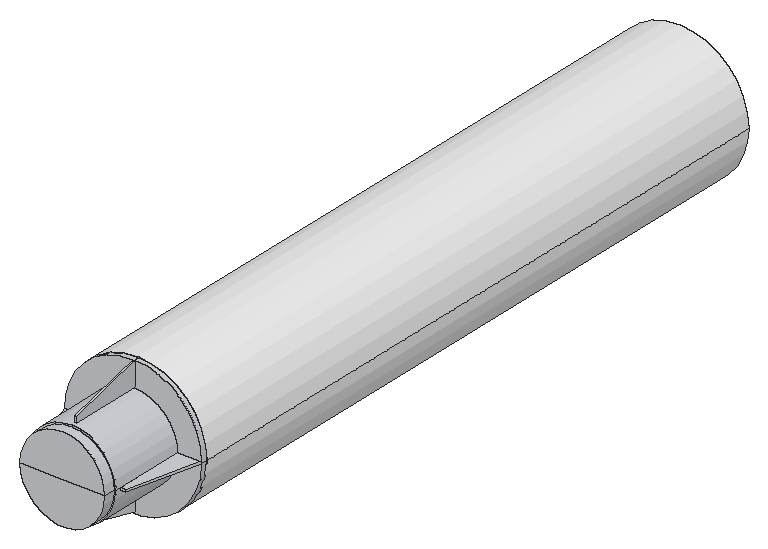
Revit family
Reference planes
  plane 1 "Center (Front/Back)": y = 0
  plane 2: z = 0
  plane 3 "Center (Left/Right)": x = 0
  plane 4: z = 42.492
  plane 5: z = -37.508
  plane 6: z = 62.369
  plane 7: z = -62.369
  plane 8: y = -615
Forms (mm)
  Sweep 1, solid, material "Casing"
    path origin (287.223, 300.161, -1562.5) x (1, 0, 0) y (0, 1, 0)
      loop
        line (-287.223, -300.161) -> (-287.223, -915.161)
    profile origin (0, -307.5, -1562.5) x (1, 0, 0) y (0, 0, 1)
      loop
        circle (0, 1562.5) r 62.5
  Revolve 2, solid
    sketch origin (-1606.011, 3915.59, 0) x (-1, 0, 0) y (0, -1, 0)
      loop
        line (-1543.511, 4530.59) -> (-1543.511, 4535.59) -> (-1566.011, 4535.59) -> (-1566.011, 4605.59) -> (-1567.511, 4605.59) -> (-1567.511, 4615.59) -> (-1606.011, 4615.59) -> (-1606.011, 4530.59) -> (-1543.511, 4530.59)
      axis (-1606.011, 4615.59) -> (-1606.011, 4530.59)
    angle from 0 to 360
  Extrusion 3, solid
    sketch origin (-1606.011, 3915.59, 1.013) x (-1, 0, 0) y (0, -1, 0)
      loop
        line (-1668.511, 4530.59) -> (-1646.011, 4530.59) -> (-1646.011, 4600.59) -> (-1651.011, 4600.59) -> (-1668.511, 4530.59)
    from -1.97 to 0.03
  Extrusion 4, solid
    sketch origin (0, -55, -1560) x (0, -1, 0) y (0, 0, -1)
      loop
        line (560, -1622.369) -> (630, -1604.869) -> (630, -1599.948) -> (560, -1599.948) -> (560, -1622.369)
    from -0.932 to 1.068
  Sweep 5, solid
    path origin (288.235, 300.161, -1560) x (1, 0, 0) y (0, 1, 0)
      loop
        line (-287.223, -300.161) -> (-287.223, -285.161)
    profile origin (1.013, 7.5, -1560) x (-1, 0, 0) y (0, 0, 1)
      loop
        circle (1.013, 1562.492) r 40
  Extrusion 6, solid
    sketch origin (0, -55, 1560) x (0, -1, 0) y (0, 0, -1)
      loop
        line (560, 1622.369) -> (560, 1599.948) -> (630, 1599.948) -> (630, 1604.869) -> (560, 1622.369)
    from -0.932 to 1.068
  Extrusion 7, solid
    sketch origin (1606.011, 3915.59, 1.013) x (1, 0, 0) y (0, 1, 0)
      loop
        line (-1668.511, -4530.59) -> (-1651.011, -4600.59) -> (-1646.011, -4600.59) -> (-1646.011, -4530.59) -> (-1668.511, -4530.59)
    from -1.97 to 0.03
Dimensions and locks
  plane 5 to plane 4 = 80 mm
  plane 7 to plane 6 = 124.739 mm
  Sweep 5 to plane 1 "Center (Front/Back)" = 15 mm
  plane 8 to Revolve 2 = 85 mm
